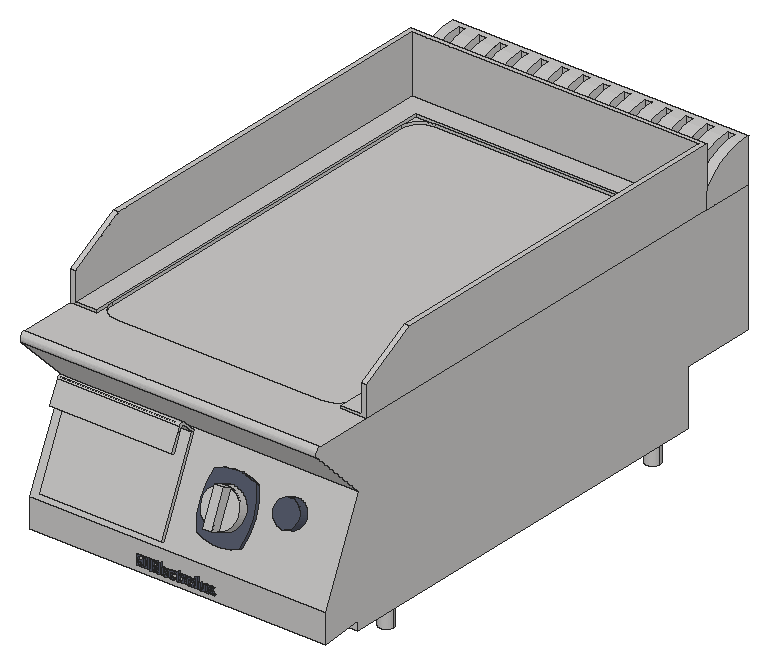
Revit family "QF_ELECTROLUXPROFESSIONAL_371037_E7FTGDCS00", category Specialty Equipment, Revit 2018
Family settings
  Round Connector Dimension = Use Diameter
  Part Type = Normal
  Work Plane-Based = No
  Always vertical = Yes
  Cut with Voids When Loaded = No
  Shared = No
  Room Calculation Point = No
Parameters
  Width = 400.05 mm  # constant formula
  Weight in Pounds = 88  # constant formula
  Watts = 0 W
  URL Cutsheet = "www.electrolux.com/foodservice"
  URL = "www.electrolux.com/foodservice"
  Type Mark [instance] = ""
  Status [instance] = ""
  Specification by User [instance] = ""
  Specification by Manufacturer = ""
  Show Logo [instance] = yes
  Show Clearance [instance] = yes
  Serial Number = ""
  Seismic Rating = ""
  SMACNA No = ""
  Revision Code [instance] = ""
  Omniclass Number and Title = ""
  NAFEM Spec ID Number = ""
  Model = "371037"
  Mechanical Remarks = ""
  Mechanical Connection Type = ""
  Masterspec = ""
  Manufacturer = "ELECTROLUX"
  Item Number [instance] = ""
  Installed By [instance] = ""
  Identify Quantity as Lot [instance] = yes
  Height = 355 mm  # constant formula
  HP = "0 HP"
  Gas Size = 12.7 mm  # 1/2"
  Gas RI Height [instance] = 0 mm
  Gas KW = 7  # constant formula
  Gas Input [instance] = 6993.55 VA  # 23863.0 Btu/h
  Gas Connection Height = 0 mm
  Furnished By [instance] = ""
  Foodservice Equipment Identifier [instance] = yes
  Direct Waste Size = 0"
  Description = "700XP Half Module Gas Fry Top, Smooth Plate, Chromium Plated"
  Depth = 730.25 mm  # constant formula
  CSI MasterFormat = ""
  CSI Master Format = ""
  Base Height [instance] = 23.813 mm  # constant formula
  Assembly Code = ""
Reference planes
  plane 1 "BACK": y = 0
  plane 2: z = 0
  plane 3 "LEFT": x = 0
  plane 4 "RIGHT": x = 400.05
  plane 5 "FRONT": y = -730.25
  plane 6 "TOP": z = 288.925
  plane 7 "Center Y": x = 200.025
  plane 8 "Center X": y = -365.125
  plane 9 "BASE": z = 23.813
  plane 10 "TOP A": z = 274.638
  plane 11: y = -597.884
  plane 12: y = -147.637
  plane 13: z = 355
Forms (mm)
  Extrusion 1, solid, material "QF_Finishes_Stainless Steel"
    sketch origin (0, 0, 0) x (0, 1, 0) y (0, 0, 1)
      loop
        line (0, 274.638) -> (-722.901, 274.638)
        arc (-722.901, 274.638) -> (-729.676, 270.11) -> (-728.087, 262.117) r 7.334
        line (-728.087, 262.117) -> (-657.416, 191.447) -> (-713.772, 69.003) -> (-713.772, 30.903) -> (-660.4, 36.513) -> (-660.4, 23.812) -> (-101.6, 23.812) -> (-101.6, 98.425) -> (0, 98.425) -> (0, 274.638)
    from 0 to 400.05
  Extrusion 2, void
    sketch origin (0, -2.381, 274.638) x (-1, 0, 0) y (0, -1, 0)
      loop
        arc (-60.425, 102.504) -> (-42.464, 109.943) -> (-35.025, 127.904) r 25.4
        line (-35.025, 127.904) -> (-35.025, 617.104)
        arc (-35.025, 617.104) -> (-42.464, 635.064) -> (-60.425, 642.504) r 25.4
        line (-60.425, 642.504) -> (-339.625, 642.504)
        arc (-339.625, 642.504) -> (-357.586, 635.064) -> (-365.025, 617.104) r 25.4
        line (-365.025, 617.104) -> (-365.025, 127.904)
        arc (-365.025, 127.904) -> (-357.586, 109.943) -> (-339.625, 102.504) r 25.4
        line (-339.625, 102.504) -> (-60.425, 102.504)
    from 0 to -3.2
  Extrusion 3, solid, material "QF_Finishes_Stainless Steel"
    sketch origin (0, 0, 0) x (1, 0, 0) y (0, 1, 0)
      loop
        circle (11.112, -147.638) r 9.525
      loop
        circle (11.112, -597.884) r 9.525
      loop
        circle (388.937, -147.638) r 9.525
      loop
        circle (388.937, -597.884) r 9.525
    from 0 to 23.813
  Extrusion 4, solid, material "QF_Finishes_Navy Blue", visible <- "Show Logo"
    sketch origin (-141.676, -713.772, 30.903) x (0, 0, 1) y (-1, 0, 0)
      loop
        line (20.674, -296.698) -> (8.307, -296.698)
        arc (8.307, -296.698) -> (14.491, -301.27) -> (20.674, -296.698) r 6.467
      loop
        arc (20.674, -296.069) -> (19.505, -290.926) -> (14.849, -288.448) r 6.338
        line (14.849, -288.448) -> (14.849, -290.494)
        arc (14.849, -290.494) -> (16.333, -294.149) -> (19.778, -296.069) r 5.941
        line (19.778, -296.069) -> (20.674, -296.069)
      loop
        arc (9.203, -296.069) -> (12.648, -294.149) -> (14.132, -290.494) r 5.941
        line (14.132, -290.494) -> (14.132, -288.448)
        arc (14.132, -288.448) -> (9.438, -290.922) -> (8.148, -296.069) r 6.504
        line (8.148, -296.069) -> (9.203, -296.069)
      loop
        line (21.349, -287.979) -> (7.604, -287.979) -> (7.604, -301.742) -> (21.349, -301.742) -> (21.349, -287.979)
      loop
        arc (21.432, -304.71) -> (21.085, -304.352) -> (20.718, -304.69) r 0.358
        arc (20.718, -304.69) -> (20.404, -305.44) -> (19.687, -305.825) r 1.216
        line (19.687, -305.825) -> (9.274, -305.825)
        arc (9.274, -305.825) -> (8.614, -305.548) -> (8.218, -304.951) r 1.238
        arc (8.218, -304.951) -> (7.823, -304.7) -> (7.518, -305.054) r 0.358
        line (7.518, -305.054) -> (7.518, -314.933) -> (10.269, -314.933) -> (10.269, -314.036)
        arc (10.269, -314.036) -> (9.36, -313.456) -> (8.904, -312.479) r 1.928
        line (8.904, -312.479) -> (8.904, -309.98)
        arc (8.904, -309.98) -> (9.18, -309.251) -> (9.868, -308.887) r 1.101
        line (9.868, -308.887) -> (13.955, -308.887) -> (13.955, -312.561)
        arc (13.955, -312.561) -> (13.602, -313.058) -> (13.037, -313.286) r 1.083
        arc (13.037, -313.286) -> (12.773, -313.591) -> (13.065, -313.869) r 0.292
        line (13.065, -313.869) -> (16.028, -313.869)
        arc (16.028, -313.869) -> (16.33, -313.596) -> (16.092, -313.266) r 0.305
        arc (16.092, -313.266) -> (15.601, -313.018) -> (15.296, -312.561) r 1.083
        line (15.296, -312.561) -> (15.296, -308.887) -> (19.973, -308.887) -> (19.973, -312.635)
        arc (19.973, -312.635) -> (19.759, -313.39) -> (19.153, -313.888) r 1.314
        arc (19.153, -313.888) -> (18.934, -314.292) -> (19.288, -314.585) r 0.361
        line (19.288, -314.585) -> (21.432, -314.585) -> (21.432, -304.71)
      loop
        arc (20.715, -315.365) -> (20.335, -316.284) -> (19.416, -316.664) r 1.299
        line (19.416, -316.664) -> (9.837, -316.664)
        arc (9.837, -316.664) -> (8.999, -316.286) -> (8.728, -315.408) r 1.118
        line (8.728, -315.408) -> (7.518, -315.408) -> (7.518, -320.758) -> (8.706, -320.758)
        arc (8.706, -320.758) -> (8.978, -319.841) -> (9.848, -319.445) r 1.153
        line (9.848, -319.445) -> (21.92, -319.445) -> (20.715, -315.365)
      loop
        line (12.483, -323.394) -> (12.483, -329.842) -> (13.282, -329.842)
        arc (13.282, -329.842) -> (15.862, -328.857) -> (17.131, -326.404) r 3.874
        line (17.131, -326.404) -> (17.131, -324.643)
        arc (17.131, -324.643) -> (15.944, -321.778) -> (13.08, -320.592) r 4.051
        line (13.08, -320.592) -> (11.072, -320.592)
        arc (11.072, -320.592) -> (8.253, -322.077) -> (7.202, -325.084) r 4.352
        arc (7.202, -325.084) -> (7.566, -327.547) -> (8.943, -329.621) r 5.713
        line (8.943, -329.621) -> (9.892, -329.621)
        arc (9.892, -329.621) -> (9.16, -328.052) -> (8.943, -326.334) r 5.579
        arc (8.943, -326.334) -> (9.737, -324.371) -> (11.616, -323.394) r 3.057
        line (11.616, -323.394) -> (12.483, -323.394)
      loop
        line (13.742, -323.394) -> (13.742, -326.977)
        arc (13.742, -326.977) -> (15.199, -327.024) -> (16.082, -325.864) r 1.59
        line (16.082, -325.864) -> (16.082, -325.034)
        arc (16.082, -325.034) -> (15.217, -323.779) -> (13.742, -323.394) r 2.184
      loop
        arc (16.533, -339.259) -> (17.022, -337.585) -> (17.179, -335.848) r 9.023
        line (17.179, -335.848) -> (17.179, -334.486)
        arc (17.179, -334.486) -> (16.02, -331.686) -> (13.22, -330.527) r 3.959
        line (13.22, -330.527) -> (10.62, -330.527)
        arc (10.62, -330.527) -> (8.338, -331.819) -> (7.221, -334.192) r 4.331
        line (7.221, -334.192) -> (7.221, -336.327)
        arc (7.221, -336.327) -> (7.729, -337.877) -> (8.651, -339.223) r 5.772
        arc (8.651, -339.223) -> (9.412, -339.274) -> (9.499, -338.515) r 0.553
        arc (9.499, -338.515) -> (9.111, -337.781) -> (8.977, -336.962) r 2.573
        line (8.977, -336.962) -> (8.977, -335.447)
        arc (8.977, -335.447) -> (9.983, -333.806) -> (11.798, -333.163) r 2.884
        line (11.798, -333.163) -> (13.077, -333.163)
        arc (13.077, -333.163) -> (14.898, -333.723) -> (15.824, -335.388) r 2.554
        line (15.824, -335.388) -> (15.824, -336.441)
        arc (15.824, -336.441) -> (15.493, -337.369) -> (14.836, -338.104) r 2.564
        arc (14.836, -338.104) -> (14.614, -338.821) -> (15.223, -339.259) r 0.643
        line (15.223, -339.259) -> (16.533, -339.259)
      loop
        line (15.515, -339.53) -> (15.515, -341.031) -> (9.467, -341.031)
        arc (9.467, -341.031) -> (7.879, -341.688) -> (7.221, -343.276) r 2.246
        line (7.221, -343.276) -> (7.221, -344.86)
        arc (7.221, -344.86) -> (7.535, -345.725) -> (8.035, -346.496) r 4.06
        arc (8.035, -346.496) -> (8.768, -346.629) -> (9.019, -345.928) r 0.576
        arc (9.019, -345.928) -> (8.913, -345.403) -> (8.977, -344.87) r 1.69
        arc (8.977, -344.87) -> (9.519, -344.082) -> (10.425, -343.779) r 1.506
        line (10.425, -343.779) -> (15.563, -343.779) -> (15.563, -346.176) -> (16.119, -346.733) -> (16.941, -346.733) -> (16.941, -343.873) -> (20.172, -343.873) -> (15.515, -339.53)
      loop
        line (7.438, -347.63) -> (7.438, -353.017) -> (8.548, -353.017)
        arc (8.548, -353.017) -> (8.942, -352.066) -> (9.893, -351.672) r 1.345
        line (9.893, -351.672) -> (13.509, -351.672)
        arc (13.509, -351.672) -> (14.274, -352.264) -> (14.564, -353.186) r 1.615
        line (14.564, -353.186) -> (14.564, -354.742) -> (17.119, -355.427) -> (17.119, -354.044) -> (15.177, -351.485) -> (17.057, -351.485) -> (16.773, -348.779)
        arc (16.773, -348.779) -> (16.333, -348.249) -> (15.674, -348.45) r 0.621
        arc (15.674, -348.45) -> (15.274, -348.792) -> (14.78, -348.975) r 1.501
        line (14.78, -348.975) -> (9.893, -348.975)
        arc (9.893, -348.975) -> (8.942, -348.581) -> (8.548, -347.63) r 1.345
        line (8.548, -347.63) -> (7.438, -347.63)
      loop
        line (13.54, -354.964) -> (10.848, -354.964)
        arc (10.848, -354.964) -> (8.403, -356.272) -> (7.269, -358.803) r 4.288
        arc (7.269, -358.803) -> (7.205, -360.183) -> (7.269, -361.563) r 15.022
        arc (7.269, -361.563) -> (8.403, -364.094) -> (10.848, -365.401) r 4.288
        line (10.848, -365.401) -> (13.54, -365.401)
        arc (13.54, -365.401) -> (15.986, -364.094) -> (17.119, -361.563) r 4.288
        arc (17.119, -361.563) -> (17.183, -360.183) -> (17.119, -358.803) r 15.022
        arc (17.119, -358.803) -> (15.986, -356.272) -> (13.54, -354.964) r 4.288
      loop
        line (13.745, -358.078) -> (10.643, -358.078)
        arc (10.643, -358.078) -> (8.486, -360.235) -> (10.643, -362.392) r 2.157
        line (10.643, -362.392) -> (13.745, -362.392)
        arc (13.745, -362.392) -> (15.902, -360.235) -> (13.745, -358.078) r 2.157
      loop
        arc (20.726, -365.26) -> (20.355, -366.154) -> (19.461, -366.524) r 1.264
        line (19.461, -366.524) -> (9.597, -366.524)
        arc (9.597, -366.524) -> (8.727, -366.127) -> (8.455, -365.211) r 1.153
        line (8.455, -365.211) -> (7.518, -365.211) -> (7.518, -370.319) -> (8.446, -370.319)
        arc (8.446, -370.319) -> (8.805, -369.547) -> (9.597, -369.232) r 1.153
        line (9.597, -369.232) -> (21.92, -369.232) -> (20.726, -365.26)
      loop
        arc (15.846, -369.857) -> (15.647, -370.921) -> (14.678, -371.403) r 1.215
        line (14.678, -371.403) -> (9.658, -371.403)
        arc (9.658, -371.403) -> (8.043, -372.051) -> (7.322, -373.634) r 2.338
        line (7.322, -373.634) -> (7.322, -375.148)
        arc (7.322, -375.148) -> (7.497, -376.152) -> (7.999, -377.038) r 2.979
        line (7.999, -377.038) -> (7.518, -378.835) -> (7.518, -380.524) -> (16.943, -380.524) -> (16.649, -376.32) -> (15.863, -376.32)
        arc (15.863, -376.32) -> (15.507, -377.156) -> (14.755, -377.665) r 1.605
        line (14.755, -377.665) -> (9.652, -377.665)
        arc (9.652, -377.665) -> (9.232, -376.728) -> (9.159, -375.704) r 2.94
        arc (9.159, -375.704) -> (9.72, -374.603) -> (10.873, -374.16) r 1.724
        line (10.873, -374.16) -> (17.07, -374.16) -> (15.846, -369.857)
      loop
        line (16.874, -381.377) -> (15.202, -383.423) -> (12.028, -385.729) -> (8.572, -382.617)
        arc (8.572, -382.617) -> (8.335, -382.223) -> (8.357, -381.764) r 0.789
        line (8.357, -381.764) -> (7.518, -381.764) -> (7.518, -385.309) -> (8.344, -385.309)
        arc (8.344, -385.309) -> (8.686, -384.947) -> (9.176, -385.039) r 0.52
        line (9.176, -385.039) -> (10.976, -386.51) -> (8.858, -387.886)
        arc (8.858, -387.886) -> (8.457, -387.576) -> (8.37, -387.076) r 0.7
        line (8.37, -387.076) -> (7.518, -387.076) -> (7.518, -393.003) -> (8.405, -393.003)
        arc (8.405, -393.003) -> (8.472, -392.344) -> (8.866, -391.813) r 1.247
        line (8.866, -391.813) -> (13.066, -388.532) -> (15.513, -390.585) -> (16.874, -392.327) -> (16.874, -388.604) -> (15.389, -389.026) -> (13.868, -387.749) -> (15.568, -386.559) -> (16.874, -387.336) -> (16.874, -381.377)
    from 0 to 1.644
  Extrusion 5, solid, material "QF_Finishes_Stainless Steel"
    sketch origin (0, -101.6, 101.6) x (0, 0, -1) y (-1, 0, 0)
      loop
        circle (43.882, -347.663) r 6.35
    from 0 to 3.175
  Extrusion 6, solid, material "QF_Finishes_Clearance", visible <- "Show Clearance", detail levels coarse
    sketch origin (0, 0, 0) x (1, 0, 0) y (0, 1, 0)
      loop
        line (0, -730.25) -> (0, 0) -> (400.05, 0) -> (400.05, -730.25) -> (550.069, -730.25) -> (550.069, 150.019) -> (-150.019, 150.019) -> (-150.019, -730.25) -> (0, -730.25)
    from 0 to 355
  Extrusion 7, solid, material "QF_Finishes_Stainless Steel"
    sketch origin (0, 0, 0) x (0, 1, 0) y (0, 0, 1)
      loop
        line (-658.831, 188.372) -> (-675.238, 204.778)
        arc (-675.238, 204.778) -> (-679.705, 206.181) -> (-683.409, 203.316) r 5.058
        line (-683.409, 203.316) -> (-696.071, 175.806) -> (-693.187, 174.479) -> (-680.525, 201.989)
        arc (-680.525, 201.989) -> (-679.146, 203.055) -> (-677.483, 202.533) r 1.883
        line (-677.483, 202.533) -> (-662.64, 187.69) -> (-713.474, 77.245) -> (-710.589, 75.918) -> (-658.831, 188.372)
    from 12.7 to 177.8
  Extrusion 8, solid, material "QF_Finishes_Drawer Clearance", visible <- "Show Clearance", detail levels coarse
    sketch origin (0, -101.6, 0) x (0, 1, 0) y (0, 0, 1)
      loop
        line (-660.751, 174.479) -> (-648.089, 201.989)
        arc (-648.089, 201.989) -> (-646.71, 203.055) -> (-645.046, 202.533) r 1.883
        line (-645.046, 202.533) -> (-630.204, 187.69) -> (-681.037, 77.245) -> (-678.153, 75.918) -> (-608.989, 75.918) -> (-557.231, 188.372) -> (-573.638, 204.778)
        arc (-573.638, 204.778) -> (-574.873, 205.685) -> (-576.323, 206.181) r 5.058
        line (-576.323, 206.181) -> (-647.269, 206.181)
        arc (-647.269, 206.181) -> (-649.472, 205.203) -> (-650.973, 203.316) r 5.058
        line (-650.973, 203.316) -> (-663.635, 175.806) -> (-660.751, 174.479)
    from 12.7 to 177.8
  Extrusion 9, solid, material "QF_Finishes_Stainless Steel"
    sketch origin (0, 0, 0) x (0, 1, 0) y (0, 0, 1)
      loop
        line (0, 274.638) -> (0, 333.375)
        arc (0, 333.375) -> (-38.879, 324.991) -> (-69.85, 300.038) r 86.156
        line (-69.85, 300.038) -> (-69.85, 274.638) -> (0, 274.638)
    from 0 to 400.05
  Extrusion 10, void
    sketch origin (0, 0, 274.638) x (-1, 0, 0) y (0, -1, 0)
      loop
        line (-13.453, 6.761) -> (-13.453, 63.911) -> (-22.749, 63.911) -> (-22.749, 6.761) -> (-13.453, 6.761)
    from 25.4 to 63.5
  Extrusion 11, void
    sketch origin (400.05, 0, 274.638) x (1, 0, 0) y (0, 1, 0)
      loop
        line (-13.453, -6.761) -> (-22.749, -6.761) -> (-22.749, -63.911) -> (-13.453, -63.911) -> (-13.453, -6.761)
    from 25.4 to 63.5
  Extrusion 12, void
    sketch origin (27.988, 0, 274.638) x (-1, 0, 0) y (0, -1, 0)
      loop
        line (-13.453, 6.761) -> (-13.453, 63.911) -> (-22.749, 63.911) -> (-22.749, 6.761) -> (-13.453, 6.761)
    from 25.4 to 63.5
  Extrusion 13, void
    sketch origin (55.977, 0, 274.638) x (-1, 0, 0) y (0, -1, 0)
      loop
        line (-13.453, 6.761) -> (-13.453, 63.911) -> (-22.749, 63.911) -> (-22.749, 6.761) -> (-13.453, 6.761)
    from 25.4 to 63.5
  Extrusion 14, void
    sketch origin (83.965, 0, 274.638) x (-1, 0, 0) y (0, -1, 0)
      loop
        line (-13.453, 6.761) -> (-13.453, 63.911) -> (-22.749, 63.911) -> (-22.749, 6.761) -> (-13.453, 6.761)
    from 25.4 to 63.5
  Extrusion 15, void
    sketch origin (111.953, 0, 274.638) x (-1, 0, 0) y (0, -1, 0)
      loop
        line (-13.453, 6.761) -> (-13.453, 63.911) -> (-22.749, 63.911) -> (-22.749, 6.761) -> (-13.453, 6.761)
    from 25.4 to 63.5
  Extrusion 16, void
    sketch origin (139.942, 0, 274.638) x (-1, 0, 0) y (0, -1, 0)
      loop
        line (-13.453, 6.761) -> (-13.453, 63.911) -> (-22.749, 63.911) -> (-22.749, 6.761) -> (-13.453, 6.761)
    from 25.4 to 63.5
  Extrusion 17, void
    sketch origin (167.93, 0, 274.638) x (-1, 0, 0) y (0, -1, 0)
      loop
        line (-13.453, 6.761) -> (-13.453, 63.911) -> (-22.749, 63.911) -> (-22.749, 6.761) -> (-13.453, 6.761)
    from 25.4 to 63.5
  Extrusion 18, void
    sketch origin (195.918, 0, 274.638) x (-1, 0, 0) y (0, -1, 0)
      loop
        line (-13.453, 6.761) -> (-13.453, 63.911) -> (-22.749, 63.911) -> (-22.749, 6.761) -> (-13.453, 6.761)
    from 25.4 to 63.5
  Extrusion 19, void
    sketch origin (223.907, 0, 274.638) x (-1, 0, 0) y (0, -1, 0)
      loop
        line (-13.453, 6.761) -> (-13.453, 63.911) -> (-22.749, 63.911) -> (-22.749, 6.761) -> (-13.453, 6.761)
    from 25.4 to 63.5
  Extrusion 20, void
    sketch origin (251.895, 0, 274.638) x (-1, 0, 0) y (0, -1, 0)
      loop
        line (-13.453, 6.761) -> (-13.453, 63.911) -> (-22.749, 63.911) -> (-22.749, 6.761) -> (-13.453, 6.761)
    from 25.4 to 63.5
  Extrusion 21, void
    sketch origin (279.884, 0, 274.638) x (-1, 0, 0) y (0, -1, 0)
      loop
        line (-13.453, 6.761) -> (-13.453, 63.911) -> (-22.749, 63.911) -> (-22.749, 6.761) -> (-13.453, 6.761)
    from 25.4 to 63.5
  Extrusion 22, void
    sketch origin (307.872, 0, 274.638) x (-1, 0, 0) y (0, -1, 0)
      loop
        line (-13.453, 6.761) -> (-13.453, 63.911) -> (-22.749, 63.911) -> (-22.749, 6.761) -> (-13.453, 6.761)
    from 25.4 to 63.5
  Extrusion 23, void
    sketch origin (335.86, 0, 274.638) x (-1, 0, 0) y (0, -1, 0)
      loop
        line (-13.453, 6.761) -> (-13.453, 63.911) -> (-22.749, 63.911) -> (-22.749, 6.761) -> (-13.453, 6.761)
    from 25.4 to 63.5
  Sweep 24, solid, material "QF_Finishes_Stainless Steel"
    path origin (0, -2.381, 274.638) x (-1, 0, 0) y (0, -1, 0)
      loop
        line (-365.025, 642.504) -> (-365.025, 102.504) -> (-35.025, 102.504) -> (-35.025, 642.504)
    profile origin (35.025, -374.885, 274.638) x (1, 0, 0) y (0, 0, 1)
      loop
        line (-35.025, 0) -> (0, 0) -> (0, 3.175) -> (-28.675, 3.175) -> (-28.675, 80.362) -> (-35.025, 80.362) -> (-35.025, 0)
  Extrusion 25, void
    sketch origin (0, -69.86, 274.638) x (0, 1, 0) y (0, 0, 1)
      loop
        line (-575.025, 40.481) -> (-501.995, 80.362) -> (-575.025, 80.362) -> (-575.025, 40.481)
    from 0 to 6.35
  Extrusion 26, void
    sketch origin (400.05, -644.885, 274.638) x (0, -1, 0) y (0, 0, 1)
      loop
        line (0, 40.481) -> (0, 80.362) -> (-73.03, 80.362) -> (0, 40.481)
    from 0 to 6.35
  Extrusion 27, solid, material "QF_Finishes_Navy Blue"
    sketch origin (85.294, -713.772, 69.003) x (0, 0.418102, 0.9084) y (-1, 0, 0)
      loop
        arc (102.623, -132.62) -> (67.041, -124.996) -> (31.333, -132.003) r 90.5
        arc (31.333, -132.003) -> (24.507, -161.19) -> (31.333, -190.378) r 65.817
        arc (31.333, -190.378) -> (67.04, -197.338) -> (102.623, -189.765) r 91.066
        arc (102.623, -189.765) -> (109.179, -161.193) -> (102.623, -132.62) r 65.546
    from 0 to 3.175
  Extrusion 28, solid, material "QF_Finishes_Stainless Steel"
    sketch origin (85.294, -717.485, 68.529) x (0, 0.418102, 0.9084) y (-1, 0, 0)
      loop
        circle (68.826, -160.963) r 25.4
    from 0 to 12.7
  Extrusion 29, solid, material "QF_Finishes_Stainless Steel"
    sketch origin (85.294, -729.022, 73.839) x (0, 0.418102, 0.9084) y (-1, 0, 0)
      loop
        arc (93.558, -166.749) -> (94.226, -160.963) -> (93.558, -155.177) r 25.4
        line (93.558, -155.177) -> (44.094, -155.177)
        arc (44.094, -155.177) -> (43.426, -160.963) -> (44.094, -166.749) r 25.4
        line (44.094, -166.749) -> (93.558, -166.749)
    from 0 to 12.7
  Extrusion 30, solid, material "QF_Finishes_Navy Blue"
    sketch origin (11.906, -704.812, 88.471) x (0, 0.418102, 0.9084) y (-1, 0, 0)
      loop
        circle (65.471, -315.169) r 17.78
    from 0 to 12.7
Cuts and joins
  Extrusion 2 cuts Extrusion 1
  Extrusion 10, Extrusion 11, Extrusion 12, Extrusion 13, Extrusion 14, Extrusion 15, Extrusion 16, Extrusion 17, Extrusion 18, Extrusion 19, Extrusion 20, Extrusion 21, Extrusion 22, Extrusion 23 cuts Extrusion 9
  Extrusion 25, Extrusion 26 cuts Sweep 24
Lines and regions (mm)
  symbolic lines, style "QF-Clearances", visible <- "Show Clearance", detail levels coarse
    curve 1: line (-150.019, 150.019, 274.638) -> (-150.019, -730.25, 274.638)
    curve 2: line (550.069, 150.019, 274.638) -> (-150.019, 150.019, 274.638)
    curve 3: line (550.069, -730.25, 274.638) -> (550.069, 150.019, 274.638)
  symbolic lines
    curve 4: line (0, 0, 274.638) -> (400.05, 0, 274.638)
    curve 5: line (0, -730.25, 274.638) -> (0, 0, 274.638)
    curve 6: line (400.05, 0, 274.638) -> (400.05, -730.25, 274.638)
    curve 7: line (35.025, -130.285, 274.638) -> (35.025, -644.885, 274.638)
    curve 8: arc (35.025, -619.485, 274.638) -> (42.464, -637.445, 274.638) -> (60.425, -644.885, 274.638) r 25.4
    curve 9: line (0, -644.885, 274.638) -> (35.025, -644.885, 274.638)
    curve 10: arc (339.625, -644.885, 274.638) -> (357.586, -637.445, 274.638) -> (365.025, -619.485, 274.638) r 25.4
    curve 11: line (365.025, -644.885, 274.638) -> (365.025, -130.285, 274.638)
    curve 12: line (339.625, -104.885, 274.638) -> (60.425, -104.885, 274.638)
    curve 13: line (0, -69.85, 274.638) -> (400.05, -69.85, 274.638)
    curve 14: line (400.05, -730.25, 274.638) -> (0, -730.25, 274.638)
    curve 15: arc (60.425, -104.885, 274.638) -> (42.464, -112.324, 274.638) -> (35.025, -130.285, 274.638) r 25.4
    curve 16: arc (339.625, -104.885, 274.638) -> (357.586, -112.324, 274.638) -> (365.025, -130.285, 274.638) r 25.4
    curve 17: line (6.35, -76.21, 274.638) -> (6.35, -644.885, 274.638)
    curve 18: line (6.35, -76.21, 274.638) -> (393.7, -76.21, 274.638)
    curve 19: line (393.7, -76.21, 274.638) -> (393.7, -644.885, 274.638)
    curve 20: line (13.453, -6.761, 274.638) -> (22.749, -6.761, 274.638)
    curve 21: line (13.453, -63.911, 274.638) -> (13.453, -6.761, 274.638)
    curve 22: line (22.749, -63.911, 274.638) -> (13.453, -63.911, 274.638)
    curve 23: line (22.749, -6.761, 274.638) -> (22.749, -63.911, 274.638)
    curve 24: line (41.441, -6.761, 274.638) -> (50.737, -6.761, 274.638)
    curve 25: line (41.441, -63.911, 274.638) -> (41.441, -6.761, 274.638)
    curve 26: line (50.737, -63.911, 274.638) -> (41.441, -63.911, 274.638)
    curve 27: line (50.737, -6.761, 274.638) -> (50.737, -63.911, 274.638)
    curve 28: line (69.43, -6.761, 274.638) -> (78.725, -6.761, 274.638)
    curve 29: line (69.43, -63.911, 274.638) -> (69.43, -6.761, 274.638)
    curve 30: line (78.725, -63.911, 274.638) -> (69.43, -63.911, 274.638)
    curve 31: line (78.725, -6.761, 274.638) -> (78.725, -63.911, 274.638)
    curve 32: line (97.418, -6.761, 274.638) -> (106.714, -6.761, 274.638)
    curve 33: line (97.418, -63.911, 274.638) -> (97.418, -6.761, 274.638)
    curve 34: line (106.714, -63.911, 274.638) -> (97.418, -63.911, 274.638)
    curve 35: line (106.714, -6.761, 274.638) -> (106.714, -63.911, 274.638)
    curve 36: line (125.406, -6.761, 274.638) -> (134.702, -6.761, 274.638)
    curve 37: line (125.406, -63.911, 274.638) -> (125.406, -6.761, 274.638)
    curve 38: line (134.702, -63.911, 274.638) -> (125.406, -63.911, 274.638)
    curve 39: line (134.702, -6.761, 274.638) -> (134.702, -63.911, 274.638)
    curve 40: line (153.395, -6.761, 274.638) -> (162.69, -6.761, 274.638)
    curve 41: line (153.395, -63.911, 274.638) -> (153.395, -6.761, 274.638)
    curve 42: line (162.69, -63.911, 274.638) -> (153.395, -63.911, 274.638)
    curve 43: line (162.69, -6.761, 274.638) -> (162.69, -63.911, 274.638)
    curve 44: line (181.383, -6.761, 274.638) -> (190.679, -6.761, 274.638)
    curve 45: line (181.383, -63.911, 274.638) -> (181.383, -6.761, 274.638)
    curve 46: line (190.679, -63.911, 274.638) -> (181.383, -63.911, 274.638)
    curve 47: line (190.679, -6.761, 274.638) -> (190.679, -63.911, 274.638)
    curve 48: line (209.371, -6.761, 274.638) -> (218.667, -6.761, 274.638)
    curve 49: line (209.371, -63.911, 274.638) -> (209.371, -6.761, 274.638)
    curve 50: line (218.667, -63.911, 274.638) -> (209.371, -63.911, 274.638)
    curve 51: line (218.667, -6.761, 274.638) -> (218.667, -63.911, 274.638)
    curve 52: line (237.36, -6.761, 274.638) -> (246.655, -6.761, 274.638)
    curve 53: line (237.36, -63.911, 274.638) -> (237.36, -6.761, 274.638)
    curve 54: line (246.655, -63.911, 274.638) -> (237.36, -63.911, 274.638)
    curve 55: line (246.655, -6.761, 274.638) -> (246.655, -63.911, 274.638)
    curve 56: line (265.348, -6.761, 274.638) -> (274.644, -6.761, 274.638)
    curve 57: line (265.348, -63.911, 274.638) -> (265.348, -6.761, 274.638)
    curve 58: line (274.644, -63.911, 274.638) -> (265.348, -63.911, 274.638)
    curve 59: line (274.644, -6.761, 274.638) -> (274.644, -63.911, 274.638)
    curve 60: line (293.336, -6.761, 274.638) -> (302.632, -6.761, 274.638)
    curve 61: line (293.336, -63.911, 274.638) -> (293.336, -6.761, 274.638)
    curve 62: line (302.632, -63.911, 274.638) -> (293.336, -63.911, 274.638)
    curve 63: line (302.632, -6.761, 274.638) -> (302.632, -63.911, 274.638)
    curve 64: line (321.325, -6.761, 274.638) -> (330.62, -6.761, 274.638)
    curve 65: line (321.325, -63.911, 274.638) -> (321.325, -6.761, 274.638)
    curve 66: line (330.62, -63.911, 274.638) -> (321.325, -63.911, 274.638)
    curve 67: line (330.62, -6.761, 274.638) -> (330.62, -63.911, 274.638)
    curve 68: line (349.313, -6.761, 274.638) -> (358.609, -6.761, 274.638)
    curve 69: line (349.313, -63.911, 274.638) -> (349.313, -6.761, 274.638)
    curve 70: line (358.609, -63.911, 274.638) -> (349.313, -63.911, 274.638)
    curve 71: line (358.609, -6.761, 274.638) -> (358.609, -63.911, 274.638)
    curve 72: line (377.301, -6.761, 274.638) -> (386.597, -6.761, 274.638)
    curve 73: line (377.301, -63.911, 274.638) -> (377.301, -6.761, 274.638)
    curve 74: line (386.597, -63.911, 274.638) -> (377.301, -63.911, 274.638)
    curve 75: line (386.597, -6.761, 274.638) -> (386.597, -63.911, 274.638)
    curve 76: line (365.025, -644.885, 274.638) -> (400.05, -644.885, 274.638)
    curve 77: line (60.425, -644.885, 274.638) -> (339.625, -644.885, 274.638)
  symbolic lines, style "QF_Drawer Clearance"
    curve 78: line (12.7, -782.637, 0) -> (12.7, -730.25, 0)
    curve 79: line (12.7, -782.637, 0) -> (177.8, -782.637, 0)
    curve 80: line (177.8, -782.637, 0) -> (177.8, -730.25, 0)
Dimensions and locks
  equal spacing: plane 3 "LEFT", plane 7 "Center Y", plane 4 "RIGHT"
  "Width": plane 3 "LEFT" to plane 4 "RIGHT"
  equal spacing: plane 5 "FRONT", plane 8 "Center X", plane 1 "BACK"
  "Depth": plane 5 "FRONT" to plane 1 "BACK"
  plane 1 "BACK" to plane 5 "FRONT" = 730.25 mm
  "Base Height": plane 9 "BASE" to level
  locked: plane 10 "TOP A" to plane 9 "BASE" at 250.825
  plane 4 "RIGHT" to Extrusion 5 sketch curve = 52.388 mm
  Sweep 24 sketch curve to level = 355 mm
  plane 10 "TOP A" to plane 9 "BASE" = 250.825 mm
  plane 9 "BASE" to level = 23.813 mm
  plane 9 "BASE" to cut or joined group of Extrusion 1, Extrusion 2 = 74.612 mm
  "Height": plane 13 to Extrusion 6
  Extrusion 5 sketch curve to plane 9 "BASE" = 33.906 mm
  aligned and locked: level to plane 2
  aligned and locked: plane 4 "RIGHT" to Extrusion 1
  aligned and locked: plane 9 "BASE" to Extrusion 3
  aligned: plane 6 "TOP" to Extrusion 6
Automatic sketch dimensions
  plane 1 "BACK" to Extrusion 14 sketch curve = 6.761 mm
  Extrusion 14 sketch curve to plane 7 "Center Y" = 93.311 mm
  Extrusion 14 sketch curve to Extrusion 14 sketch curve = 9.296 mm
  Extrusion 14 sketch curve to Extrusion 14 sketch curve = 57.15 mm
  plane 1 "BACK" to Extrusion 15 sketch curve = 6.761 mm
  Extrusion 15 sketch curve to plane 7 "Center Y" = 65.323 mm
  Extrusion 15 sketch curve to Extrusion 15 sketch curve = 9.296 mm
  Extrusion 15 sketch curve to Extrusion 15 sketch curve = 57.15 mm
  plane 1 "BACK" to Extrusion 16 sketch curve = 6.761 mm
  Extrusion 16 sketch curve to plane 7 "Center Y" = 37.335 mm
  Extrusion 16 sketch curve to Extrusion 16 sketch curve = 9.296 mm
  Extrusion 16 sketch curve to Extrusion 16 sketch curve = 57.15 mm
  Extrusion 17 sketch curve to plane 7 "Center Y" = 9.346 mm
  Extrusion 17 sketch curve to Extrusion 17 sketch curve = 9.296 mm
  plane 1 "BACK" to Extrusion 17 sketch curve = 6.761 mm
  Extrusion 17 sketch curve to Extrusion 17 sketch curve = 57.15 mm
  plane 1 "BACK" to Extrusion 18 sketch curve = 6.761 mm
  plane 7 "Center Y" to Extrusion 18 sketch curve = 18.642 mm
  Extrusion 18 sketch curve to Extrusion 18 sketch curve = 9.296 mm
  Extrusion 18 sketch curve to Extrusion 18 sketch curve = 57.15 mm
  plane 1 "BACK" to Extrusion 19 sketch curve = 6.761 mm
  plane 7 "Center Y" to Extrusion 19 sketch curve = 46.63 mm
  Extrusion 19 sketch curve to Extrusion 19 sketch curve = 9.296 mm
  Extrusion 19 sketch curve to Extrusion 19 sketch curve = 57.15 mm
  plane 1 "BACK" to Extrusion 20 sketch curve = 6.761 mm
  plane 7 "Center Y" to Extrusion 20 sketch curve = 74.619 mm
  Extrusion 20 sketch curve to Extrusion 20 sketch curve = 9.296 mm
  Extrusion 20 sketch curve to Extrusion 20 sketch curve = 57.15 mm
  Extrusion 2 sketch curve to plane 4 "RIGHT" = 35.025 mm
  Extrusion 2 sketch curve to Extrusion 2 sketch curve = 25.4 mm  (x3)
  Extrusion 2 sketch curve to plane 12 = 17.353 mm
  plane 3 "LEFT" to Extrusion 2 sketch curve = 60.425 mm  (x2)
  plane 11 to Extrusion 2 sketch curve = 21.6 mm
  plane 11 to Extrusion 3 sketch curve = 0 mm  (x2)
  plane 12 to Extrusion 3 sketch curve = 0 mm  (x2)
  plane 3 "LEFT" to Extrusion 3 sketch curve = 11.112 mm  (x2)
  Extrusion 3 sketch curve to plane 4 "RIGHT" = 11.113 mm  (x2)
  Extrusion 4 sketch curve to Extrusion 1 = 2.161 mm
  Extrusion 4 sketch curve to Extrusion 1 = 7.202 mm
  Extrusion 4 sketch curve to Extrusion 1 = 7.221 mm  (x2)
  Extrusion 4 sketch curve to Extrusion 4 sketch curve = 5.108 mm  (x2)
  Extrusion 4 sketch curve to Extrusion 4 sketch curve = 0 mm  (x27)
  Extrusion 4 sketch curve to Extrusion 1 = 7.322 mm
  Extrusion 4 sketch curve to Extrusion 4 sketch curve = 0.218 mm
  Extrusion 4 sketch curve to Extrusion 4 sketch curve = 0.195 mm
  Extrusion 4 sketch curve to Extrusion 4 sketch curve = 0.249 mm
  Extrusion 4 sketch curve to Extrusion 1 = 7.518 mm
  Extrusion 4 sketch curve to Extrusion 4 sketch curve = 0.087 mm
  Extrusion 4 sketch curve to Extrusion 4 sketch curve = 0.358 mm
  Extrusion 4 sketch curve to Extrusion 4 sketch curve = 0.481 mm
  Extrusion 4 sketch curve to Extrusion 4 sketch curve = 0.597 mm
  Extrusion 4 sketch curve to Extrusion 4 sketch curve = 0.544 mm
  Extrusion 4 sketch curve to Extrusion 4 sketch curve = 0.936 mm
  Extrusion 4 sketch curve to Extrusion 4 sketch curve = 0.594 mm
  Extrusion 4 sketch curve to Extrusion 4 sketch curve = 0.343 mm
  Extrusion 4 sketch curve to Extrusion 4 sketch curve = 0.159 mm
  Extrusion 4 sketch curve to Extrusion 4 sketch curve = 0.826 mm
  Extrusion 4 sketch curve to Extrusion 4 sketch curve = 0.839 mm
  Extrusion 4 sketch curve to Extrusion 4 sketch curve = 0.852 mm
  Extrusion 4 sketch curve to Extrusion 4 sketch curve = 0.887 mm
  Extrusion 4 sketch curve to Extrusion 4 sketch curve = 0.928 mm
  Extrusion 4 sketch curve to Extrusion 4 sketch curve = 0.938 mm
  Extrusion 4 sketch curve to Extrusion 4 sketch curve = 0.444 mm
  Extrusion 4 sketch curve to Extrusion 4 sketch curve = 1.11 mm  (x3)
  Extrusion 4 sketch curve to Extrusion 4 sketch curve = 0.215 mm
  Extrusion 4 sketch curve to Extrusion 4 sketch curve = 1.43 mm
  Extrusion 4 sketch curve to Extrusion 4 sketch curve = 1.188 mm
  Extrusion 4 sketch curve to Extrusion 4 sketch curve = 1.21 mm  (x2)
  Extrusion 4 sketch curve to Extrusion 4 sketch curve = 0.503 mm
  Extrusion 4 sketch curve to Extrusion 4 sketch curve = 0.488 mm
  Extrusion 4 sketch curve to Extrusion 4 sketch curve = 0.462 mm
  Extrusion 4 sketch curve to Extrusion 4 sketch curve = 1.386 mm
  Extrusion 4 sketch curve to Extrusion 4 sketch curve = 1.742 mm  (x2)
  Extrusion 4 sketch curve to Extrusion 4 sketch curve = 0.821 mm
  Extrusion 4 sketch curve to Extrusion 4 sketch curve = 0.497 mm
  Extrusion 4 sketch curve to Extrusion 4 sketch curve = 0.539 mm
  Extrusion 4 sketch curve to Extrusion 4 sketch curve = 0.686 mm
  Extrusion 4 sketch curve to Extrusion 4 sketch curve = 0.408 mm
  Extrusion 4 sketch curve to Extrusion 4 sketch curve = 0.743 mm
  Extrusion 4 sketch curve to Extrusion 4 sketch curve = 1.16 mm
  Extrusion 4 sketch curve to Extrusion 4 sketch curve = 0.329 mm
  Extrusion 4 sketch curve to Extrusion 4 sketch curve = 1.054 mm
  Extrusion 4 sketch curve to Extrusion 4 sketch curve = 1.056 mm
  Extrusion 4 sketch curve to Extrusion 4 sketch curve = 0.129 mm
  Extrusion 4 sketch curve to Extrusion 4 sketch curve = 0.489 mm
  Extrusion 4 sketch curve to Extrusion 4 sketch curve = 0.441 mm
  Extrusion 4 sketch curve to Extrusion 4 sketch curve = 1.151 mm
  Extrusion 4 sketch curve to Extrusion 4 sketch curve = 1.141 mm  (x2)
  Extrusion 4 sketch curve to Extrusion 4 sketch curve = 0.768 mm
  Extrusion 4 sketch curve to Extrusion 4 sketch curve = 1.653 mm
  Extrusion 4 sketch curve to Extrusion 4 sketch curve = 0.499 mm
  Extrusion 4 sketch curve to Extrusion 4 sketch curve = 0.964 mm
  Extrusion 4 sketch curve to Extrusion 4 sketch curve = 0.949 mm
  Extrusion 4 sketch curve to Extrusion 4 sketch curve = 1.345 mm  (x3)
  Extrusion 4 sketch curve to Extrusion 4 sketch curve = 1.101 mm
  Extrusion 4 sketch curve to Extrusion 4 sketch curve = 0.432 mm
  Extrusion 4 sketch curve to Extrusion 4 sketch curve = 1.142 mm
  Extrusion 4 sketch curve to Extrusion 4 sketch curve = 0.959 mm
  Extrusion 4 sketch curve to Extrusion 4 sketch curve = 0.176 mm
  Extrusion 4 sketch curve to Extrusion 4 sketch curve = 0.728 mm
  Extrusion 4 sketch curve to Extrusion 4 sketch curve = 3.375 mm  (x2)
  Extrusion 4 sketch curve to Extrusion 4 sketch curve = 0.541 mm
  Extrusion 4 sketch curve to Extrusion 4 sketch curve = 0.955 mm
  Extrusion 4 sketch curve to Extrusion 4 sketch curve = 1.251 mm
  Extrusion 4 sketch curve to Extrusion 4 sketch curve = 0.572 mm
  Extrusion 4 sketch curve to Extrusion 4 sketch curve = 1.92 mm
  Extrusion 4 sketch curve to Extrusion 4 sketch curve = 1.224 mm
  Extrusion 4 sketch curve to Extrusion 4 sketch curve = 0.745 mm
  Extrusion 4 sketch curve to Extrusion 4 sketch curve = 2.537 mm
  Extrusion 4 sketch curve to Extrusion 4 sketch curve = 0.896 mm  (x3)
  Extrusion 4 sketch curve to Extrusion 4 sketch curve = 0.036 mm
  Extrusion 4 sketch curve to Extrusion 4 sketch curve = 2.607 mm
  Extrusion 4 sketch curve to Extrusion 4 sketch curve = 0.066 mm
  Extrusion 4 sketch curve to Extrusion 4 sketch curve = 0.248 mm
  Extrusion 4 sketch curve to Extrusion 4 sketch curve = 0.449 mm
  Extrusion 4 sketch curve to Extrusion 4 sketch curve = 1.052 mm
  Extrusion 4 sketch curve to Extrusion 4 sketch curve = 1.863 mm
  Extrusion 4 sketch curve to Extrusion 4 sketch curve = 1.31 mm  (x2)
  Extrusion 4 sketch curve to Extrusion 4 sketch curve = 0.901 mm
  Extrusion 4 sketch curve to Extrusion 4 sketch curve = 1.107 mm
  Extrusion 4 sketch curve to Extrusion 4 sketch curve = 2.122 mm
  Extrusion 4 sketch curve to Extrusion 4 sketch curve = 2.101 mm
  Extrusion 4 sketch curve to Extrusion 4 sketch curve = 0.106 mm
  Extrusion 4 sketch curve to Extrusion 4 sketch curve = 0.029 mm
  Extrusion 4 sketch curve to Extrusion 4 sketch curve = 2.09 mm
  Extrusion 4 sketch curve to Extrusion 4 sketch curve = 1.279 mm
  Extrusion 4 sketch curve to Extrusion 4 sketch curve = 2.008 mm
  Extrusion 4 sketch curve to Extrusion 4 sketch curve = 0.738 mm
  Extrusion 4 sketch curve to Extrusion 4 sketch curve = 0.382 mm
  Extrusion 4 sketch curve to Extrusion 4 sketch curve = 0.384 mm
  Extrusion 4 sketch curve to Extrusion 4 sketch curve = 0.002 mm
  Extrusion 4 sketch curve to Extrusion 4 sketch curve = 0.561 mm
  Extrusion 4 sketch curve to Extrusion 4 sketch curve = 0.592 mm
  Extrusion 4 sketch curve to Extrusion 4 sketch curve = 2.692 mm
  Extrusion 4 sketch curve to Extrusion 4 sketch curve = 1.259 mm
  Extrusion 4 sketch curve to Extrusion 4 sketch curve = 0.802 mm
  Extrusion 4 sketch curve to Extrusion 4 sketch curve = 1.024 mm
  Extrusion 4 sketch curve to Extrusion 4 sketch curve = 0.682 mm
  Extrusion 4 sketch curve to Extrusion 4 sketch curve = 5.934 mm
  Extrusion 4 sketch curve to Extrusion 4 sketch curve = 2.186 mm
  Extrusion 4 sketch curve to Extrusion 4 sketch curve = 0.337 mm
  Extrusion 4 sketch curve to Extrusion 4 sketch curve = 0.021 mm
  Extrusion 4 sketch curve to Extrusion 4 sketch curve = 1.005 mm
  Extrusion 4 sketch curve to Extrusion 4 sketch curve = 0.552 mm
  Extrusion 4 sketch curve to Extrusion 4 sketch curve = 0.778 mm
  Extrusion 4 sketch curve to Extrusion 4 sketch curve = 0.063 mm
  Extrusion 4 sketch curve to Extrusion 4 sketch curve = 1.023 mm
  Extrusion 4 sketch curve to Extrusion 4 sketch curve = 3.804 mm
  Extrusion 4 sketch curve to Extrusion 4 sketch curve = 0.486 mm
  Extrusion 4 sketch curve to Extrusion 4 sketch curve = 0.266 mm
  Extrusion 4 sketch curve to Extrusion 4 sketch curve = 1.547 mm
  Extrusion 4 sketch curve to Extrusion 4 sketch curve = 0.717 mm  (x2)
  Extrusion 4 sketch curve to Extrusion 4 sketch curve = 1.667 mm
  Extrusion 4 sketch curve to Extrusion 4 sketch curve = 3.174 mm
  Extrusion 4 sketch curve to Extrusion 4 sketch curve = 0.388 mm
  Extrusion 4 sketch curve to Extrusion 4 sketch curve = 1.342 mm
  Extrusion 4 sketch curve to Extrusion 4 sketch curve = 1.521 mm
  Extrusion 4 sketch curve to Extrusion 4 sketch curve = 0.124 mm
  Extrusion 4 sketch curve to Extrusion 4 sketch curve = 0.291 mm
  Extrusion 4 sketch curve to Extrusion 4 sketch curve = 1.049 mm  (x2)
  Extrusion 4 sketch curve to Extrusion 4 sketch curve = 1.7 mm
  Extrusion 4 sketch curve to Extrusion 4 sketch curve = 0.894 mm
  Extrusion 4 sketch curve to Extrusion 4 sketch curve = 0.989 mm
  Extrusion 4 sketch curve to Extrusion 4 sketch curve = 1.168 mm
  Extrusion 4 sketch curve to Extrusion 4 sketch curve = 1.594 mm
  Extrusion 4 sketch curve to Extrusion 4 sketch curve = 0.731 mm
  Extrusion 4 sketch curve to Extrusion 4 sketch curve = 1.566 mm
  Extrusion 4 sketch curve to Extrusion 4 sketch curve = 0.064 mm
  Extrusion 4 sketch curve to Extrusion 4 sketch curve = 0.556 mm  (x2)
  Extrusion 4 sketch curve to Extrusion 4 sketch curve = 0.48 mm
  Extrusion 4 sketch curve to Extrusion 4 sketch curve = 0.228 mm
  Extrusion 4 sketch curve to Extrusion 4 sketch curve = 1.018 mm
  Extrusion 4 sketch curve to Extrusion 4 sketch curve = 0.787 mm
  Extrusion 4 sketch curve to Extrusion 4 sketch curve = 0.618 mm
  Extrusion 4 sketch curve to Extrusion 4 sketch curve = 1.672 mm
  Extrusion 1 to Extrusion 4 sketch curve = 149.399 mm
  Extrusion 4 sketch curve to Extrusion 4 sketch curve = 1.361 mm
  Extrusion 4 sketch curve to Extrusion 4 sketch curve = 0.822 mm
  Extrusion 4 sketch curve to Extrusion 4 sketch curve = 0.069 mm
  Extrusion 4 sketch curve to Extrusion 4 sketch curve = 1.88 mm
  Extrusion 4 sketch curve to Extrusion 4 sketch curve = 0.42 mm
  Extrusion 4 sketch curve to Extrusion 4 sketch curve = 0.062 mm
  Extrusion 4 sketch curve to Extrusion 4 sketch curve = 1.355 mm
  Extrusion 4 sketch curve to Extrusion 4 sketch curve = 2.34 mm
  Extrusion 4 sketch curve to Extrusion 4 sketch curve = 0.493 mm
  Extrusion 4 sketch curve to Extrusion 4 sketch curve = 0.136 mm
  Extrusion 4 sketch curve to Extrusion 4 sketch curve = 0.128 mm
  Extrusion 4 sketch curve to Extrusion 4 sketch curve = 3.616 mm
  Extrusion 4 sketch curve to Extrusion 4 sketch curve = 4.207 mm
  Extrusion 4 sketch curve to Extrusion 4 sketch curve = 0.183 mm
  Extrusion 4 sketch curve to Extrusion 4 sketch curve = 0.895 mm
  Extrusion 4 sketch curve to Extrusion 4 sketch curve = 1.314 mm
  Extrusion 4 sketch curve to Extrusion 4 sketch curve = 3.231 mm
  Extrusion 4 sketch curve to Extrusion 4 sketch curve = 1.299 mm
  Extrusion 4 sketch curve to Extrusion 4 sketch curve = 1.214 mm
  Extrusion 4 sketch curve to Extrusion 4 sketch curve = 1.264 mm
  Extrusion 4 sketch curve to Extrusion 4 sketch curve = 0.109 mm
  Extrusion 4 sketch curve to Extrusion 4 sketch curve = 0.357 mm
  Extrusion 4 sketch curve to Extrusion 4 sketch curve = 0.565 mm
  Extrusion 4 sketch curve to Extrusion 4 sketch curve = 2.504 mm
  Extrusion 4 sketch curve to Extrusion 4 sketch curve = 2.459 mm
  Extrusion 1 to Extrusion 4 sketch curve = 148.931 mm
  Extrusion 4 sketch curve to Extrusion 4 sketch curve = 0.208 mm
  Extrusion 4 sketch curve to Extrusion 4 sketch curve = 1.559 mm
  Extrusion 4 sketch curve to Extrusion 4 sketch curve = 0.422 mm  (x2)
  Extrusion 4 sketch curve to Extrusion 4 sketch curve = 0.494 mm
  Extrusion 4 sketch curve to Extrusion 4 sketch curve = 3.927 mm
  Extrusion 4 sketch curve to Extrusion 4 sketch curve = 0.782 mm
  Extrusion 4 sketch curve to Extrusion 4 sketch curve = 1.268 mm
  Extrusion 4 sketch curve to Extrusion 4 sketch curve = 0.671 mm
  Extrusion 4 sketch curve to Extrusion 4 sketch curve = 0.777 mm
  Extrusion 4 sketch curve to Extrusion 4 sketch curve = 0.704 mm
  Extrusion 4 sketch curve to Extrusion 4 sketch curve = 0.781 mm  (x2)
  Extrusion 4 sketch curve to Extrusion 4 sketch curve = 1.634 mm
  Extrusion 4 sketch curve to Extrusion 4 sketch curve = 0.132 mm
  Extrusion 4 sketch curve to Extrusion 4 sketch curve = 3.136 mm
  Extrusion 4 sketch curve to Extrusion 4 sketch curve = 2.422 mm
  Extrusion 4 sketch curve to Extrusion 4 sketch curve = 0.586 mm
  Extrusion 4 sketch curve to Extrusion 4 sketch curve = 2.046 mm  (x2)
  Extrusion 4 sketch curve to Extrusion 4 sketch curve = 1.241 mm
  Extrusion 4 sketch curve to Extrusion 4 sketch curve = 1.689 mm
  Extrusion 4 sketch curve to Extrusion 4 sketch curve = 2.859 mm
  Extrusion 4 sketch curve to Extrusion 4 sketch curve = 0.627 mm
  Extrusion 4 sketch curve to Extrusion 4 sketch curve = 0.863 mm
  Extrusion 4 sketch curve to Extrusion 4 sketch curve = 0.419 mm
  Extrusion 4 sketch curve to Extrusion 4 sketch curve = 1.514 mm
  Extrusion 4 sketch curve to Extrusion 4 sketch curve = 1.019 mm
  Extrusion 4 sketch curve to Extrusion 4 sketch curve = 0.065 mm
  Extrusion 4 sketch curve to Extrusion 4 sketch curve = 1.215 mm
  Extrusion 4 sketch curve to Extrusion 4 sketch curve = 2.708 mm
  Extrusion 4 sketch curve to Extrusion 4 sketch curve = 1.122 mm
  Extrusion 4 sketch curve to Extrusion 4 sketch curve = 1.153 mm
  Extrusion 4 sketch curve to Extrusion 4 sketch curve = 3.009 mm
  Extrusion 4 sketch curve to Extrusion 4 sketch curve = 0.829 mm  (x2)
  Extrusion 4 sketch curve to Extrusion 4 sketch curve = 0.934 mm
  Extrusion 4 sketch curve to Extrusion 4 sketch curve = 3.376 mm
  Extrusion 4 sketch curve to Extrusion 4 sketch curve = 0.222 mm
  Extrusion 4 sketch curve to Extrusion 4 sketch curve = 1.383 mm
  Extrusion 4 sketch curve to Extrusion 4 sketch curve = 1.556 mm
  Extrusion 4 sketch curve to Extrusion 4 sketch curve = 2.559 mm
  Extrusion 4 sketch curve to Extrusion 4 sketch curve = 2.51 mm
  Extrusion 4 sketch curve to Extrusion 4 sketch curve = 0.131 mm
  Extrusion 4 sketch curve to Extrusion 4 sketch curve = 1.717 mm
  Extrusion 4 sketch curve to Extrusion 4 sketch curve = 1.134 mm
  Extrusion 4 sketch curve to Extrusion 4 sketch curve = 0.366 mm
  Extrusion 4 sketch curve to Extrusion 4 sketch curve = 0.094 mm
  Extrusion 4 sketch curve to Extrusion 4 sketch curve = 1.584 mm
  Extrusion 4 sketch curve to Extrusion 4 sketch curve = 1.501 mm
  Extrusion 4 sketch curve to Extrusion 4 sketch curve = 0.27 mm
  Extrusion 4 sketch curve to Extrusion 4 sketch curve = 1.808 mm
  Extrusion 4 sketch curve to Extrusion 4 sketch curve = 0.643 mm
  Extrusion 4 sketch curve to Extrusion 4 sketch curve = 0.916 mm
  Extrusion 4 sketch curve to Extrusion 4 sketch curve = 0.352 mm
  Extrusion 4 sketch curve to Extrusion 4 sketch curve = 0.458 mm
  Extrusion 4 sketch curve to Extrusion 4 sketch curve = 1.282 mm
  Extrusion 4 sketch curve to Extrusion 4 sketch curve = 1.363 mm
  Extrusion 4 sketch curve to Extrusion 4 sketch curve = 0.685 mm
  Extrusion 4 sketch curve to Extrusion 4 sketch curve = 0.905 mm
  Extrusion 4 sketch curve to Extrusion 4 sketch curve = 2.865 mm
  Extrusion 4 sketch curve to Extrusion 4 sketch curve = 0.472 mm
  Extrusion 4 sketch curve to Extrusion 4 sketch curve = 0.101 mm
  Extrusion 4 sketch curve to Extrusion 4 sketch curve = 0.54 mm
  Extrusion 4 sketch curve to Extrusion 4 sketch curve = 0.02 mm
  Extrusion 4 sketch curve to Extrusion 4 sketch curve = 0.468 mm
  Extrusion 4 sketch curve to Extrusion 4 sketch curve = 0.582 mm
  Extrusion 4 sketch curve to Extrusion 4 sketch curve = 0.166 mm
  Extrusion 4 sketch curve to Extrusion 4 sketch curve = 0.16 mm
  Extrusion 4 sketch curve to Extrusion 4 sketch curve = 2.781 mm
  Extrusion 4 sketch curve to Extrusion 4 sketch curve = 1.118 mm
  Extrusion 4 sketch curve to Extrusion 4 sketch curve = 0.613 mm
  Extrusion 4 sketch curve to Extrusion 4 sketch curve = 0.361 mm
  Extrusion 4 sketch curve to Extrusion 4 sketch curve = 0.897 mm
  Extrusion 4 sketch curve to Extrusion 4 sketch curve = 0.167 mm
  Extrusion 4 sketch curve to Extrusion 4 sketch curve = 0.292 mm
  Extrusion 4 sketch curve to Extrusion 4 sketch curve = 0.305 mm
  Extrusion 4 sketch curve to Extrusion 4 sketch curve = 1.557 mm
  Extrusion 4 sketch curve to Extrusion 4 sketch curve = 2.499 mm
  Extrusion 4 sketch curve to Extrusion 4 sketch curve = 3.062 mm
  Extrusion 4 sketch curve to Extrusion 4 sketch curve = 2.968 mm
  Extrusion 4 sketch curve to Extrusion 4 sketch curve = 5.044 mm
  Extrusion 4 sketch curve to Extrusion 4 sketch curve = 0.629 mm  (x2)
  Extrusion 4 sketch curve to Extrusion 4 sketch curve = 1.131 mm
  Extrusion 4 sketch curve to Extrusion 4 sketch curve = 0.137 mm
  Extrusion 4 sketch curve to Extrusion 4 sketch curve = 0.027 mm
  Extrusion 4 sketch curve to Extrusion 4 sketch curve = 2.235 mm
  plane 1 "BACK" to Extrusion 6 sketch curve = 0 mm
  Extrusion 6 sketch curve to plane 3 "LEFT" = 0 mm
  Extrusion 6 sketch curve to plane 4 "RIGHT" = 0 mm
  Extrusion 6 sketch curve to plane 3 "LEFT" = 150.019 mm
  plane 5 "FRONT" to Extrusion 6 sketch curve = 0 mm  (x2)
  plane 4 "RIGHT" to Extrusion 6 sketch curve = 150.019 mm
  Extrusion 6 sketch curve to plane 1 "BACK" = 150.019 mm
  curve 14 to plane 4 "RIGHT" = 0 mm
  curve 14 to plane 3 "LEFT" = 0 mm
  plane 1 "BACK" to curve 5 = 0 mm
  plane 4 "RIGHT" to curve 3 = 150.019 mm
  curve 19 to plane 4 "RIGHT" = 6.35 mm
  curve 75 to plane 4 "RIGHT" = 13.453 mm
  curve 74 to curve 74 = 9.296 mm
  curve 16 to plane 4 "RIGHT" = 35.025 mm
  plane 1 "BACK" to curve 71 = 6.761 mm
  curve 72 to curve 71 = 18.693 mm
  curve 68 to curve 69 = 9.296 mm
  curve 16 to curve 16 = 25.4 mm
  curve 69 to curve 67 = 18.693 mm
  curve 64 to curve 64 = 9.296 mm
  curve 65 to curve 63 = 18.693 mm
  curve 62 to curve 62 = 9.296 mm
  curve 61 to curve 59 = 18.693 mm
  curve 56 to curve 57 = 9.296 mm
  plane 1 "BACK" to curve 52 = 6.761 mm
  curve 56 to curve 52 = 18.693 mm
  curve 54 to curve 54 = 9.296 mm
  plane 1 "BACK" to curve 51 = 6.761 mm
  plane 7 "Center Y" to curve 51 = 18.642 mm
  curve 50 to curve 50 = 9.296 mm
  curve 47 to plane 7 "Center Y" = 9.346 mm
  curve 44 to curve 45 = 9.296 mm
  plane 1 "BACK" to curve 40 = 6.761 mm
  curve 44 to curve 40 = 18.693 mm
  curve 40 to curve 41 = 9.296 mm
  curve 41 to curve 39 = 18.693 mm
  curve 38 to curve 37 = 9.296 mm
  curve 37 to curve 34 = 18.693 mm
  curve 32 to curve 33 = 9.296 mm
  curve 33 to curve 31 = 18.693 mm
  curve 30 to curve 29 = 9.296 mm
  curve 15 to plane 12 = 17.353 mm
  plane 3 "LEFT" to curve 15 = 60.425 mm
  curve 29 to curve 26 = 18.693 mm
  curve 26 to curve 26 = 9.296 mm
  plane 1 "BACK" to curve 20 = 6.761 mm
  curve 24 to curve 20 = 18.693 mm
  curve 20 to curve 21 = 9.296 mm
  plane 3 "LEFT" to curve 17 = 6.35 mm
  plane 5 "FRONT" to curve 1 = 0 mm
  curve 1 to plane 3 "LEFT" = 150.019 mm
  curve 2 to plane 1 "BACK" = 150.019 mm
  plane 1 "BACK" to curve 72 = 6.761 mm
  plane 1 "BACK" to curve 67 = 6.761 mm
  plane 1 "BACK" to curve 63 = 6.761 mm
  plane 1 "BACK" to curve 59 = 6.761 mm
  plane 1 "BACK" to curve 47 = 6.761 mm
  plane 1 "BACK" to curve 39 = 6.761 mm
  plane 1 "BACK" to curve 35 = 6.761 mm
  plane 1 "BACK" to curve 31 = 6.761 mm
  plane 1 "BACK" to curve 24 = 6.761 mm
  curve 26 to curve 15 = 40.974 mm
  curve 23 to curve 25 = 0 mm
  curve 26 to curve 29 = 0 mm
  curve 74 to curve 12 = 40.974 mm
  curve 30 to curve 33 = 0 mm
  curve 71 to curve 73 = 0 mm
  curve 34 to curve 37 = 0 mm
  curve 67 to curve 69 = 0 mm
  curve 38 to curve 41 = 0 mm
  curve 63 to curve 65 = 0 mm
  curve 42 to curve 45 = 0 mm
  curve 59 to curve 61 = 0 mm
  curve 46 to curve 49 = 0 mm
  curve 55 to curve 57 = 0 mm
  curve 74 to curve 13 = 5.939 mm
  curve 13 to curve 18 = 6.36 mm
  plane 11 to curve 10 = 21.6 mm
  plane 5 "FRONT" to curve 3 = 0 mm
  Extrusion 7 sketch curve to Extrusion 7 sketch curve = 0 mm  (x2)
  Extrusion 7 sketch curve to plane 5 "FRONT" = 16.776 mm
  Extrusion 7 sketch curve to Extrusion 7 sketch curve = 2.884 mm  (x3)
  Extrusion 7 sketch curve to plane 5 "FRONT" = 34.179 mm
  Extrusion 7 sketch curve to Extrusion 7 sketch curve = 12.662 mm
  Extrusion 7 sketch curve to Extrusion 7 sketch curve = 1.711 mm
  Extrusion 7 sketch curve to Extrusion 7 sketch curve = 1.332 mm
  Extrusion 7 sketch curve to Extrusion 7 sketch curve = 2.245 mm
  Extrusion 7 sketch curve to Extrusion 7 sketch curve = 14.843 mm
  Extrusion 7 sketch curve to Extrusion 7 sketch curve = 3.809 mm
  plane 9 "BASE" to Extrusion 7 sketch curve = 52.105 mm
  Extrusion 7 sketch curve to Extrusion 7 sketch curve = 1.327 mm  (x2)
  Extrusion 7 sketch curve to Extrusion 7 sketch curve = 13.211 mm
  Extrusion 7 sketch curve to Extrusion 7 sketch curve = 0.787 mm
  Extrusion 8 sketch curve to Extrusion 8 sketch curve = 0 mm  (x2)
  plane 5 "FRONT" to Extrusion 8 sketch curve = 52.387 mm
  Extrusion 8 sketch curve to Extrusion 8 sketch curve = 2.884 mm  (x3)
  plane 5 "FRONT" to Extrusion 8 sketch curve = 34.985 mm
  plane 5 "FRONT" to Extrusion 8 sketch curve = 22.323 mm
  Extrusion 8 sketch curve to Extrusion 8 sketch curve = 0.82 mm
  Extrusion 8 sketch curve to Extrusion 8 sketch curve = 1.711 mm
  Extrusion 8 sketch curve to Extrusion 8 sketch curve = 1.332 mm
  plane 5 "FRONT" to Extrusion 8 sketch curve = 1.554 mm
  Extrusion 8 sketch curve to plane 5 "FRONT" = 19.661 mm
  Extrusion 8 sketch curve to plane 5 "FRONT" = 51.436 mm
  Extrusion 8 sketch curve to Extrusion 8 sketch curve = 0.891 mm
  Extrusion 8 sketch curve to Extrusion 8 sketch curve = 2.686 mm
  Extrusion 8 sketch curve to Extrusion 8 sketch curve = 16.406 mm
  plane 9 "BASE" to Extrusion 8 sketch curve = 52.105 mm
  Extrusion 8 sketch curve to Extrusion 8 sketch curve = 1.327 mm  (x2)
  Extrusion 8 sketch curve to Extrusion 8 sketch curve = 13.211 mm
  Extrusion 8 sketch curve to Extrusion 8 sketch curve = 0.681 mm
  Extrusion 8 sketch curve to Extrusion 8 sketch curve = 0.787 mm
  Extrusion 8 sketch curve to Extrusion 8 sketch curve = 4.979 mm
  Extrusion 9 sketch curve to plane 10 "TOP A" = 0 mm
  Extrusion 9 sketch curve to plane 1 "BACK" = 0 mm
  plane 1 "BACK" to Extrusion 9 sketch curve = 1.769 mm
  plane 6 "TOP" to Extrusion 9 sketch curve = 11.113 mm
  plane 1 "BACK" to Extrusion 9 sketch curve = 69.85 mm
  Extrusion 9 sketch curve to plane 10 "TOP A" = 27.4 mm
  plane 1 "BACK" to Extrusion 10 sketch curve = 6.761 mm
  plane 3 "LEFT" to Extrusion 10 sketch curve = 22.749 mm
  Extrusion 10 sketch curve to Extrusion 10 sketch curve = 9.296 mm
  Extrusion 10 sketch curve to Extrusion 10 sketch curve = 57.15 mm
  Extrusion 11 sketch curve to plane 1 "BACK" = 6.761 mm
  plane 4 "RIGHT" to Extrusion 11 sketch curve = 22.749 mm
  Extrusion 11 sketch curve to Extrusion 11 sketch curve = 9.296 mm
  Extrusion 11 sketch curve to Extrusion 11 sketch curve = 57.15 mm
  plane 1 "BACK" to Extrusion 12 sketch curve = 6.761 mm
  plane 3 "LEFT" to Extrusion 12 sketch curve = 50.737 mm
  Extrusion 12 sketch curve to Extrusion 12 sketch curve = 9.296 mm
  Extrusion 12 sketch curve to Extrusion 12 sketch curve = 57.15 mm
  plane 1 "BACK" to Extrusion 13 sketch curve = 6.761 mm
  plane 3 "LEFT" to Extrusion 13 sketch curve = 78.725 mm
  Extrusion 13 sketch curve to Extrusion 13 sketch curve = 9.296 mm
  Extrusion 13 sketch curve to Extrusion 13 sketch curve = 57.15 mm
  plane 1 "BACK" to Extrusion 21 sketch curve = 6.761 mm
  Extrusion 21 sketch curve to plane 4 "RIGHT" = 97.418 mm
  Extrusion 21 sketch curve to Extrusion 21 sketch curve = 9.296 mm
  Extrusion 21 sketch curve to Extrusion 21 sketch curve = 57.15 mm
  plane 1 "BACK" to Extrusion 22 sketch curve = 6.761 mm
  Extrusion 22 sketch curve to plane 4 "RIGHT" = 69.43 mm
  Extrusion 22 sketch curve to Extrusion 22 sketch curve = 9.296 mm
  Extrusion 22 sketch curve to Extrusion 22 sketch curve = 57.15 mm
  plane 1 "BACK" to Extrusion 23 sketch curve = 6.761 mm
  Extrusion 23 sketch curve to plane 4 "RIGHT" = 41.441 mm
  Extrusion 23 sketch curve to Extrusion 23 sketch curve = 9.296 mm
  Extrusion 23 sketch curve to Extrusion 23 sketch curve = 57.15 mm
  Sweep 24 sketch curve to plane 4 "RIGHT" = 35.025 mm
  plane 3 "LEFT" to Sweep 24 sketch curve = 35.025 mm
  Sweep 24 sketch curve to plane 12 = 42.753 mm
